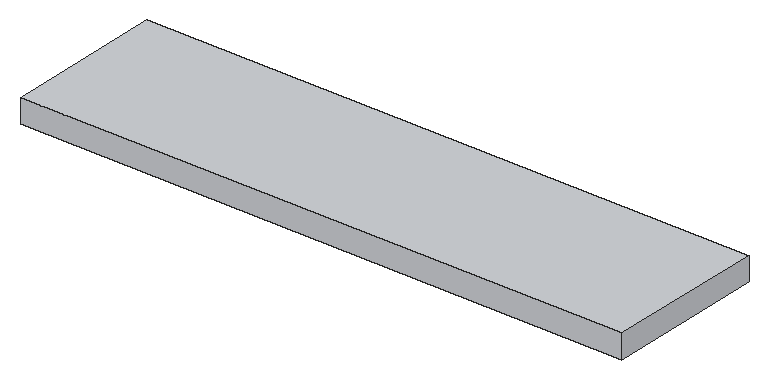
Revit family
Parameters
  높이 = 150 mm
  넓이 = 1000 mm
  길이 = 3800 mm
  건널목표지_재료 = none
Reference planes
  plane 1 "중심(앞/뒤)": y = 0
  plane 2: z = 0
  plane 3 "중심(왼쪽/오른쪽)": x = 0
Forms (mm)
  Extrusion 1, solid, material <- "건널목표지_재료"
    sketch origin (0, 0, 0) x (1, 0, 0) y (0, 1, 0)
      loop
        line (0, 0) -> (0, -1000) -> (3800, -1000) -> (3800, 0) -> (0, 0)
    from 0 to 150
Dimensions and locks
  "길이": Extrusion 1 sketch curve to Extrusion 1 sketch curve
  "넓이": Extrusion 1 sketch curve to Extrusion 1 sketch curve
  "높이": level to Extrusion 1
  aligned and locked: plane 3 "중심(왼쪽/오른쪽)" to Extrusion 1 sketch curve
  aligned and locked: plane 1 "중심(앞/뒤)" to Extrusion 1 sketch curve
  aligned and locked: Extrusion 1 to level
